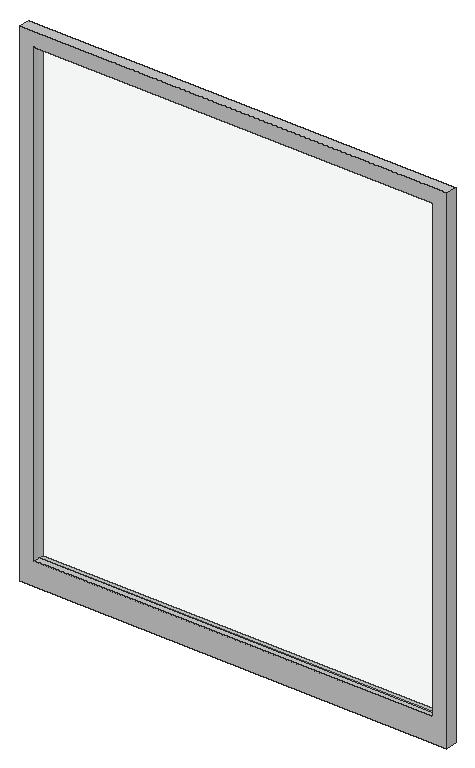
Revit family "Curtain_Door_DORMA_ES200-ST-Flex-Green_1-Leaf", category Türen, Revit 2016
Family settings
  OmniClass-Nummer = 23.30.10.00
  OmniClass-Titel = Doors
  Immer vertikal = Ja
  Beim Laden mit Abzugskörper schneiden = Nein
  Gemeinsam genutzt = Nein
  Raumberechnungspunkt = Nein
Parameters (values of type "ST Flex Green Single Door")
  _current revision = 1  # constant formula
  _author = ""
  Dicke = 45.00 mm
  Offset = 60.00 mm
  Glazing = Glass-Dorma Glazing-Clear
  Glass Thickness = 6.00 mm
  Funktion = Innen
  Frame = Aluminium-Dorma Metal-Anodized Silver
  Door Panel Width [instance] = 1828.80 mm
  Door Panel Thickness = Dicke  # 45.00 mm
  Door Panel Height [instance] = 2133.60 mm
  Analytische Konstruktion = "<None>"
Reference planes
  plane 1 "Center (Front/Back)": y = 0
  plane 2: z = 0
  plane 3 "Center (Left/Right)": x = 82.523
  plane 4: x = -831.877
  plane 5: x = 996.923
  plane 6 "Top": z = 2133.6
  plane 7: y = -37.5
  plane 8: y = -82.5
  plane 9: y = -57
  plane 10: y = -63
  plane 11: y = -60
  plane 12: x = -2660.677
  plane 13: x = -2610.677
Forms (mm)
  Extrusion 1, solid, material "Aluminium-Dorma Metal-Anodized Silver" <- "Frame"
    sketch origin (0, 0, 0) x (1, 0, 0) y (0, 0, 1)
      loop
        line (996.923, 2133.6) -> (-831.877, 2133.6) -> (-831.877, 0) -> (996.923, 0) -> (996.923, 2133.6)
      loop
        line (936.923, 2073.6) -> (-771.877, 2073.6) -> (-771.877, 100) -> (936.923, 100) -> (936.923, 2073.6)
    from 37.5 to 82.5
  Extrusion 2, solid, material "Glass-Dorma Glazing-Clear" <- "Glazing"
    sketch origin (0, 0, 0) x (1, 0, 0) y (0, 0, 1)
      loop
        line (936.923, 2073.6) -> (-771.877, 2073.6) -> (-771.877, 100) -> (936.923, 100) -> (936.923, 2073.6)
    from 57 to 63
Lines and regions (mm)
  symbolic lines, style "Slide Position"
    curve 1: line (-831.877, -37.5, 0) -> (-2610.677, -37.5, 0)
    curve 2: line (-2610.677, -82.5, 0) -> (-831.877, -82.5, 0)
    curve 3: line (-2610.677, -37.5, 0) -> (-2610.677, -82.5, 0)
    curve 4: line (-831.877, -37.5, 0) -> (-831.877, -57, 0)
Text (mm)
  text "Exterior" at (-1161.5, 797.241, 0), in view "Ref. Level"
Dimensions and locks
  equal spacing: plane 4, plane 3 "Center (Left/Right)", plane 5
  "Door Panel Width": plane 4 to plane 5
  "Door Panel Height": plane 2 to plane 6 "Top"
  locked: Extrusion 1 sketch curve to Extrusion 1 sketch curve at 60  (x3)
  locked: Extrusion 1 sketch curve to Extrusion 1 sketch curve at 100
  equal spacing: plane 7, plane 11, plane 8
  equal spacing: plane 10, plane 11, plane 9
  "Glass Thickness": plane 10 to plane 9
  "Dicke": plane 8 to plane 7
  "Offset": plane 11 to plane 1 "Center (Front/Back)"
  equal spacing: plane 12, plane 4, plane 5
  locked: plane 12 to plane 13 at 50
  aligned and locked: level to plane 2
  aligned and locked: Extrusion 1 sketch curve to plane 6 "Top"
  aligned and locked: Extrusion 1 sketch curve to plane 5
  aligned and locked: Extrusion 1 sketch curve to plane 2
  aligned and locked: plane 4 to Extrusion 1 sketch curve
  aligned and locked: plane 7 to Extrusion 1
  aligned and locked: plane 8 to Extrusion 1
  aligned and locked: plane 9 to Extrusion 2
  aligned and locked: plane 10 to Extrusion 2
  aligned and locked: curve 2 to plane 8
  aligned and locked: plane 4 to curve 2
  aligned and locked: curve 3 to plane 13
  aligned and locked: plane 4 to curve 4
  aligned and locked: plane 9 to curve 4
  aligned and locked: plane 7 to curve 4
  aligned and locked: Extrusion 1 to plane 5
  aligned and locked: Extrusion 1 to plane 6 "Top"
  aligned and locked: plane 4 to Extrusion 1
Automatic sketch dimensions
  plane 6 "Top" to Extrusion 2 sketch curve = 60.00 mm
  plane 5 to Extrusion 2 sketch curve = 60.00 mm
  Extrusion 2 sketch curve to plane 4 = 60.00 mm
  level to Extrusion 2 sketch curve = 100.00 mm
